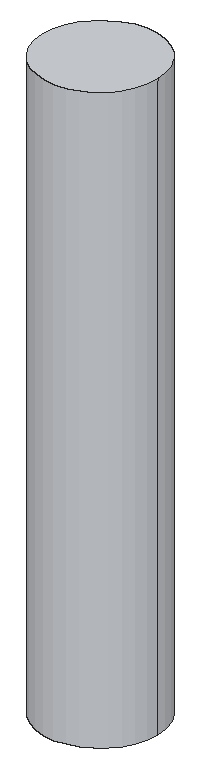
Revit family "Architectural_Round_Variable Dimensions", category Columns, Revit 2024
Family settings
  Cut with Voids When Loaded = No
  Automatically joins geometry to walls = No
  Shared = No
  Show family pre-cut in plan views = No
Parameters (values of type "Default")
  EA_Repath [instance] = 0 mm
  Assembly Code = "B1010200"
  Diameter [instance] = 600 mm
  Material = none
Reference planes
  plane 1: y = 0
  plane 2: z = 0
  plane 3: x = 0
  plane 4: x = -300
  plane 5: x = 300
  plane 6: y = 300
  plane 7: y = -300
  plane 8: z = 3048
  plane 9: z = 0
Forms (mm)
  Extrusion 1, solid, material <- "Material"
    sketch origin (0, 0, 0) x (1, 0, 0) y (0, 1, 0)
      loop
        arc (-300, 0) -> (0, -300) -> (300, 0) r 300
        arc (300, 0) -> (212.132, 212.132) -> (0, 300) r 300
        arc (0, 300) -> (-212.132, 212.132) -> (-300, 0) r 300
    from 0 to 3048
Dimensions and locks
  equal spacing: plane 4, plane 3, plane 5
  "Diameter": plane 4 to plane 5
  equal spacing: plane 6, plane 1, plane 7
  "Diameter": plane 7 to plane 6
  locked: plane 9 to level
  locked: level to plane 8
  aligned and locked: Extrusion 1 to plane 9
  aligned and locked: plane 8 to Extrusion 1
Automatic sketch dimensions
  Extrusion 1 sketch curve to plane 1 = 0 mm  (x2)
  Extrusion 1 sketch curve to plane 4 = 0 mm  (x2)
  Extrusion 1 sketch curve to plane 3 = 0 mm
